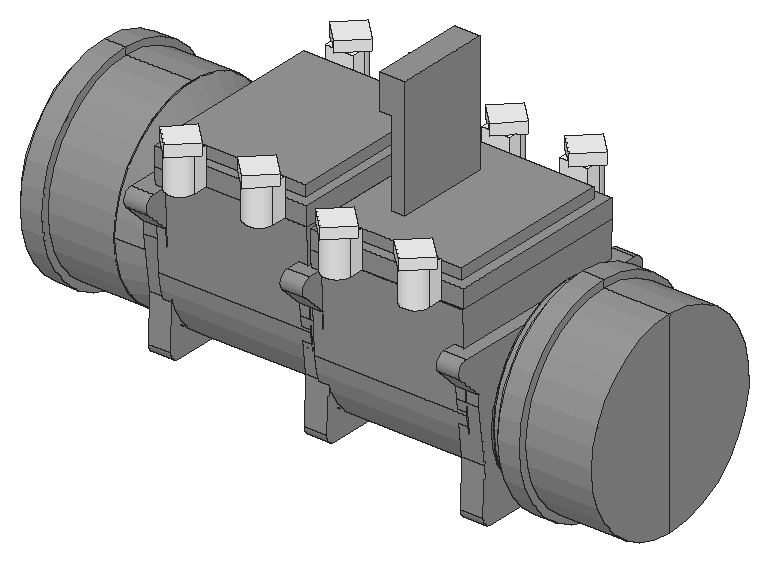
Revit family "HL_Механический канализационный затвор_HL720.2", category Příslušenství trubek, Revit 2016
Family settings
  Typ součásti = Normální
  Kóta kulaté spojky = Použít průměr
  Číslo OmniClass = 23.65.55.14.21
  Nadpis OmniClass = Non-Return Valves for Liquid Services
  Založené na pracovní rovině = Ne
  Vždy vertikální = Ano
  Ořezat dutým tvarem při načtení = Ne
  Sdílené = Ne
Parameters
  РАЗМЕР = "DN200"
  ПРОПУСКНАЯ СПОСОБНОСТЬ [instance] = 0.0 m³/h
  ПРАВОВАЯ ИНФОРМАЦИЯ = "\"Copyright (©), design rights or any other intellectual property rights, shall be the exclusive property of HL Hutterer & Lechner GmbH. Modification is not allowed. Family has been watermarked.\""
  ПАДЕНИЕ ДАВЛЕНИЯ [instance] = 0.0 Pa
  НОМИНАЛЬНЫЙ ДИАМЕТР 2 = 200 mm
  НОМИНАЛЬНЫЙ ДИАМЕТР = 200 mm
  МАТЕРИАЛ = "ABS"
  ВЫСОТА МОНТАЖА = "350 mm"
  ВЕС = "6,17 kg"
  Výrobce = "HL Hutterer & Lechner GmbH"
  URL = "http://www.hutterer-lechner.com/en/products/catalog/roof-drains/HL720.2.aspx"
  Description = "Anti flood valves"
  Model = "HL720.2"
  Type Comments = "anti-flood valve DN200 with 2 stainless steel flap and manual blocking"
  Keynote = "HL720.2"
  EAN = "9003076972029"
  Cena = 0
Types (2, lengths in mm): name | ПРАВОВАЯ ИНФОРМАЦИЯ | URL | Description | Type Comments
  (no name) | "\"Copyright (©), design rights or any other intellectual property rights, shall be the exclusive property of HL Hutterer & Lechner GmbH. Modification is not allowed. Family has been watermarked.\"" | "http://www.hutterer-lechner.com/en/products/catalog/roof-drains/HL720.2.aspx" | "Anti flood valves" | "anti-flood valve DN200 with 2 stainless steel flap and manual blocking"
  HL_Механический канализационный затвор_HL720.2 | "\"Авторские права(©), права на дизайн или какие либо другие права интелектуальной собственности являются исключительной собственностью компании HL Hutterer & Lechner. Изменению не подлежит. Файл семейства с данными о прозводителе изделия защищен паролем с водяным знаком.\"" | "http://www.hutterer-lechner.com/ru/products/catalog/roof-drains/HL720.2.aspx" | "Механический канализационный затвор" | "Канализационный затвор DN200 с двумя заслонками из нержавеющей стали, ручным затвором."
Reference planes
  plane 1 "Střed (vpředu/vzadu)": y = 0
  plane 2: z = 0
  plane 3 "Střed (vlevo/vpravo)": x = 0
Forms (mm)
  Extrusion 1, solid, material "Plastic - Orange", detail levels fine
    sketch origin (294, 0, 90.92) x (1, 0, 0) y (0, 1, 0)
      loop
        line (70, -88.309) -> (70, 88.309) -> (-73, 88.309) -> (-73, -88.309) -> (70, -88.309)
    from -12 to 0
  Extrusion 2, solid, material "Plastic - Orange", detail levels fine
    sketch origin (294, 0, 78.92) x (0, 1, 0) y (1, 0, 0)
      loop
        line (99.13, -83) -> (99.13, 80) -> (-98.87, 80) -> (-98.87, -83) -> (99.13, -83)
    from 0 to 20
  Sweep 3, solid, material "Plastic - Orange", detail levels fine
    path origin (294, 0, 90.92) x (1, 0, 0) y (0, 0, 1)
      loop
        line (80, -32) -> (-83, -32)
    profile origin (292.5, 0, 58.92) x (0, 0, -1) y (0, -1, 0)
      loop
        line (0, -99.13) -> (104.005, -94.138)
        arc (104.005, -94.138) -> (166.421, -64.809) -> (189.998, 0) r 90.409
        arc (189.998, 0) -> (166.421, 64.809) -> (104.005, 94.138) r 90.409
        line (104.005, 94.138) -> (0, 99.13) -> (0, 0) -> (0, -99.13)
  Extrusion 4, solid, material "Plactic - White", detail levels fine
    sketch origin (294, 0, 90.92) x (1, 0, 0) y (0, 1, 0)
      loop
        line (40.5, -136.497) -> (63.127, -113.87) -> (40.5, -91.242) -> (17.873, -113.87) -> (40.5, -136.497)
    from 7.235 to 19.235
  Extrusion 5, solid, material "Plactic - White", detail levels fine
    sketch origin (294, 0, 98.155) x (0, 1, 0) y (1, 0, 0)
      loop
        arc (-113.87, 55.5) -> (-128.87, 40.5) -> (-113.87, 25.5) r 15
        line (-113.87, 25.5) -> (-98.52, 25.5) -> (-98.52, 55.5) -> (-113.87, 55.5)
    from 0 to 39.235
  Extrusion 6, solid, material "Plactic - White", detail levels fine
    sketch origin (210, 0, 90.92) x (1, 0, 0) y (0, 1, 0)
      loop
        line (40.5, -136.497) -> (63.127, -113.87) -> (40.5, -91.242) -> (17.873, -113.87) -> (40.5, -136.497)
    from 7.235 to 19.235
  Extrusion 7, solid, material "Plactic - White", detail levels fine
    sketch origin (210, 0, 98.155) x (0, 1, 0) y (1, 0, 0)
      loop
        arc (-113.87, 55.5) -> (-128.87, 40.5) -> (-113.87, 25.5) r 15
        line (-113.87, 25.5) -> (-98.52, 25.5) -> (-98.52, 55.5) -> (-113.87, 55.5)
    from 0 to 39.235
  Extrusion 8, solid, material "Plactic - White", detail levels fine
    sketch origin (294, 0, 90.92) x (1, 0, 0) y (0, 1, 0)
      loop
        line (40.5, 136.497) -> (17.873, 113.87) -> (40.5, 91.242) -> (63.127, 113.87) -> (40.5, 136.497)
    from 7.235 to 19.235
  Extrusion 9, solid, material "Plactic - White", detail levels fine
    sketch origin (294, 0, 98.155) x (0, -1, 0) y (1, 0, 0)
      loop
        arc (-113.87, 55.5) -> (-128.87, 40.5) -> (-113.87, 25.5) r 15
        line (-113.87, 25.5) -> (-98.52, 25.5) -> (-98.52, 55.5) -> (-113.87, 55.5)
    from 0 to 39.235
  Extrusion 10, solid, material "Plactic - White", detail levels fine
    sketch origin (210, 0, 90.92) x (1, 0, 0) y (0, 1, 0)
      loop
        line (40.5, 136.497) -> (17.873, 113.87) -> (40.5, 91.242) -> (63.127, 113.87) -> (40.5, 136.497)
    from 7.235 to 19.235
  Extrusion 11, solid, material "Plactic - White", detail levels fine
    sketch origin (210, 0, 98.155) x (0, -1, 0) y (1, 0, 0)
      loop
        arc (-113.87, 55.5) -> (-128.87, 40.5) -> (-113.87, 25.5) r 15
        line (-113.87, 25.5) -> (-98.52, 25.5) -> (-98.52, 55.5) -> (-113.87, 55.5)
    from 0 to 39.235
  Extrusion 12, solid, material "Plastic - Orange", detail levels fine
    sketch origin (294, 0, 90.92) x (0, 1, 0) y (0, 0, 1)
      loop
        arc (-112.5, -69.599) -> (-121.739, -75.772) -> (-119.571, -86.67) r 10
        line (-119.571, -86.67) -> (-96.14, -110.101) -> (-95.533, -122.745) -> (-88.249, -181.291) -> (-90.006, -231.593)
        arc (-90.006, -231.593) -> (-87.075, -238.668) -> (-80, -241.599) r 10.006
        line (-80, -241.599) -> (0, -241.599) -> (80, -241.599)
        arc (80, -241.599) -> (87.075, -238.668) -> (90.006, -231.593) r 10.006
        line (90.006, -231.593) -> (88.249, -181.291) -> (95.533, -122.745) -> (96.14, -110.101) -> (119.571, -86.67)
        arc (119.571, -86.67) -> (121.739, -75.772) -> (112.5, -69.599) r 10
        line (112.5, -69.599) -> (0, -69.599) -> (-112.5, -69.599)
    from 70 to 94
  Blend 13, solid, material "Plastic - Orange", detail levels fine
    base sketch origin (294, 0, 67.88) x (0, 1, 0) y (0, 0, -1)
      loop
        circle (0, 111.5) r 100
    top sketch origin (294, 0, 67.88) x (0, 1, 0) y (0, 0, -1)
      loop
        circle (0, 129) r 80
    from -112.862 to -94
  Extrusion 14, solid, material "Plastic - Orange", not visible, detail levels fine
    sketch origin (406.862, 0, 52.592) x (0, -1, 0) y (0, 0, -1)
      loop
        circle (0, 96.212) r 100
    from 0 to 109.138
  Extrusion 15, solid, material "Plastic - Red", detail levels fine
    sketch origin (294, 0.5, 90.92) x (1, 0, 0) y (0, 0, 1)
      loop
        line (-22.5, 128.65) -> (-49, 128.65) -> (-49, 91.15) -> (-36.5, 91.15) -> (-36.5, 0) -> (-22.5, 0) -> (-22.5, 128.65)
    from -50 to 50
  Extrusion 16, solid, material "Plastic - Orange", detail levels fine
    sketch origin (127, 0, 111.5) x (1, 0, 0) y (0, 1, 0)
      loop
        line (70, -88.309) -> (70, 88.309) -> (-73, 88.309) -> (-73, -88.309) -> (70, -88.309)
    from -12 to 0
  Extrusion 17, solid, material "Plastic - Orange", detail levels fine
    sketch origin (127, 0, 99.5) x (0, 1, 0) y (1, 0, 0)
      loop
        line (99.13, -83) -> (99.13, 80) -> (-98.87, 80) -> (-98.87, -83) -> (99.13, -83)
    from 0 to 20
  Sweep 18, solid, material "Plastic - Orange", detail levels fine
    path origin (127, 0, 111.5) x (1, 0, 0) y (0, 0, 1)
      loop
        line (80, -32) -> (-83, -32)
    profile origin (125.5, 0, 79.5) x (0, 0, -1) y (0, -1, 0)
      loop
        line (0, -99.13) -> (104.005, -94.138)
        arc (104.005, -94.138) -> (166.421, -64.809) -> (189.998, 0) r 90.409
        arc (189.998, 0) -> (166.421, 64.809) -> (104.005, 94.138) r 90.409
        line (104.005, 94.138) -> (0, 99.13) -> (0, 0) -> (0, -99.13)
  Extrusion 19, solid, material "Plastic - Orange", detail levels fine
    sketch origin (127, 0, 111.5) x (0, 1, 0) y (0, 0, 1)
      loop
        arc (-112.5, -69.599) -> (-121.739, -75.772) -> (-119.571, -86.67) r 10
        line (-119.571, -86.67) -> (-96.14, -110.101) -> (-95.533, -122.745) -> (-88.249, -181.291) -> (-90.006, -231.593)
        arc (-90.006, -231.593) -> (-87.075, -238.668) -> (-80, -241.599) r 10.006
        line (-80, -241.599) -> (0, -241.599) -> (80, -241.599)
        arc (80, -241.599) -> (87.075, -238.668) -> (90.006, -231.593) r 10.006
        line (90.006, -231.593) -> (88.249, -181.291) -> (95.533, -122.745) -> (96.14, -110.101) -> (119.571, -86.67)
        arc (119.571, -86.67) -> (121.739, -75.772) -> (112.5, -69.599) r 10
        line (112.5, -69.599) -> (0, -69.599) -> (-112.5, -69.599)
    from 70 to 94
  Extrusion 20, solid, material "Plastic - Orange", detail levels fine
    sketch origin (127, 0, 132.099) x (0, 1, 0) y (0, 0, 1)
      loop
        arc (-112.5, -69.599) -> (-121.739, -75.772) -> (-119.571, -86.67) r 10
        line (-119.571, -86.67) -> (-96.14, -110.101) -> (-95.533, -122.745) -> (-88.249, -181.291) -> (-90.006, -231.593)
        arc (-90.006, -231.593) -> (-87.075, -238.668) -> (-80, -241.599) r 10.006
        line (-80, -241.599) -> (0, -241.599) -> (80, -241.599)
        arc (80, -241.599) -> (87.075, -238.668) -> (90.006, -231.593) r 10.006
        line (90.006, -231.593) -> (88.249, -181.291) -> (95.533, -122.745) -> (96.14, -110.101) -> (119.571, -86.67)
        arc (119.571, -86.67) -> (121.739, -75.772) -> (112.5, -69.599) r 10
        line (112.5, -69.599) -> (0, -69.599) -> (-112.5, -69.599)
    from -97 to -73
  Revolve 21, solid, material "Plastic - Orange", detail levels fine
    sketch origin (127, 0, 111.5) x (1, 0, 0) y (0, 0, 1)
      loop
        line (-222, -111.5) -> (-122, -111.5) -> (-122, -6.5) -> (-193, -6.5) -> (-193, 0.981) -> (-215.833, 0.981) -> (-215.833, -6.5) -> (-222, -6.5) -> (-222, -111.5)
      axis (-122, -111.5) -> (-222, -111.5)
    angle from 0 to 360
  Blend 22, solid, material "Plastic - Orange", detail levels fine
    base sketch origin (127, 0, 111.5) x (0, 1, 0) y (0, 0, 1)
      loop
        circle (0, -111.5) r 105
    top sketch origin (127, 0, 111.5) x (0, 1, 0) y (0, 0, 1)
      loop
        circle (0, -129) r 80
    from -122 to -97
  Extrusion 23, solid, material "Plactic - White", detail levels fine
    sketch origin (127, 0, 111.519) x (1, 0, 0) y (0, 1, 0)
      loop
        line (40.5, -136.497) -> (63.127, -113.87) -> (40.5, -91.242) -> (17.873, -113.87) -> (40.5, -136.497)
    from 7.235 to 19.235
  Extrusion 24, solid, material "Plactic - White", detail levels fine
    sketch origin (127, 0, 118.754) x (0, 1, 0) y (1, 0, 0)
      loop
        arc (-113.87, 55.5) -> (-128.87, 40.5) -> (-113.87, 25.5) r 15
        line (-113.87, 25.5) -> (-98.52, 25.5) -> (-98.52, 55.5) -> (-113.87, 55.5)
    from 0 to 39.235
  Extrusion 25, solid, material "Plactic - White", detail levels fine
    sketch origin (43, 0, 111.519) x (1, 0, 0) y (0, 1, 0)
      loop
        line (40.5, -136.497) -> (63.127, -113.87) -> (40.5, -91.242) -> (17.873, -113.87) -> (40.5, -136.497)
    from 7.235 to 19.235
  Extrusion 26, solid, material "Plactic - White", detail levels fine
    sketch origin (43, 0, 118.754) x (0, 1, 0) y (1, 0, 0)
      loop
        arc (-113.87, 55.5) -> (-128.87, 40.5) -> (-113.87, 25.5) r 15
        line (-113.87, 25.5) -> (-98.52, 25.5) -> (-98.52, 55.5) -> (-113.87, 55.5)
    from 0 to 39.235
  Extrusion 27, solid, material "Plactic - White", detail levels fine
    sketch origin (127, 0, 111.519) x (1, 0, 0) y (0, 1, 0)
      loop
        line (40.5, 136.497) -> (17.873, 113.87) -> (40.5, 91.242) -> (63.127, 113.87) -> (40.5, 136.497)
    from 7.235 to 19.235
  Extrusion 28, solid, material "Plactic - White", detail levels fine
    sketch origin (127, 0, 118.754) x (0, 1, 0) y (1, 0, 0)
      loop
        line (113.87, 55.5) -> (98.52, 55.5) -> (98.52, 25.5) -> (113.87, 25.5)
        arc (113.87, 25.5) -> (128.87, 40.5) -> (113.87, 55.5) r 15
    from 0 to 39.235
  Extrusion 29, solid, material "Plactic - White", detail levels fine
    sketch origin (43, 0, 111.519) x (1, 0, 0) y (0, 1, 0)
      loop
        line (40.5, 136.497) -> (17.873, 113.87) -> (40.5, 91.242) -> (63.127, 113.87) -> (40.5, 136.497)
    from 7.235 to 19.235
  Extrusion 30, solid, material "Plactic - White", detail levels fine
    sketch origin (43, 0, 118.754) x (0, 1, 0) y (1, 0, 0)
      loop
        line (113.87, 55.5) -> (98.52, 55.5) -> (98.52, 25.5) -> (113.87, 25.5)
        arc (113.87, 25.5) -> (128.87, 40.5) -> (113.87, 55.5) r 15
    from 0 to 39.235
  Revolve 31, solid, material "Plastic - Orange", detail levels fine
    sketch origin (638, 0, 67.88) x (1, 0, 0) y (0, 0, 1)
      loop
        line (-231.138, -111.5) -> (-122, -111.5) -> (-122, -6.5) -> (-193, -6.5) -> (-193, 0.981) -> (-215.833, 0.981) -> (-215.833, -6.5) -> (-222, -6.5) -> (-222, -11.5) -> (-231.138, -11.5) -> (-231.138, -111.5)
      axis (-122, -111.5) -> (-231.138, -111.5)
    angle from 0 to 360
Lines and regions (mm)
  symbolic lines, style "Symbol", detail levels coarse+medium
    curve 1: line (516, 0, 0) -> (0, 0, 0)
    curve 2: line (383, -60, 0) -> (383, 60, 0)
    curve 3: line (383, 60, 0) -> (133, 60, 0)
    curve 4: line (133, -60, 0) -> (133, 60, 0)
    curve 9: line (258, -105, 0) -> (258, 105, 0)
    curve 10: line (383, -60, 0) -> (133, -60, 0)
  model lines, style "Symbol", detail levels coarse+medium
    curve 5: line (0, 0, 0) -> (516, 0, -34.981)
    curve 6: line (133, 0, -77.49) -> (133, 0, 42.51)
    curve 7: line (133, 0, 42.51) -> (383, 0, 42.51)
    curve 8: line (383, 0, -77.49) -> (383, 0, 42.51)
    curve 13: line (133, 0, -77.49) -> (383, 0, -77.49)
  model lines, detail levels coarse+medium
    curve 11: line (258, 0, -17.49) -> (258, 0, 87.51)
    curve 12: line (258, 0, -122.49) -> (258, 0, -17.49)
Dimensions and locks
  aligned and locked: level to plane 2
Connectors
  piping at (0, 0, 0), diameter 200, driven by "ПАДЕНИЕ ДАВЛЕНИЯ", driven by "НОМИНАЛЬНЫЙ ДИАМЕТР", driven by "ПРОПУСКНАЯ СПОСОБНОСТЬ"
    settings: on plane 3 "Střed (vlevo/vpravo)", index 1, connector inside diameter 609.6 mm, connector length 0 mm, flow factor 0, pipe flow 0.0 m³/h, pressure drop 0.0 Pa, fitting loss kfactor 0, connector angle 0.00°, fixture units 0, engagement length 0 mm, angle of deflection 0.00°, flow configuration 0, flow direction 0, fitting loss method 4, system type 16, joint type 0, gender type 0, connector reference index -1, connector utility 0, adjustable connector no, is connector primary yes, connector description ""
  piping at (516, 0, -43.62), diameter 200, driven by "НОМИНАЛЬНЫЙ ДИАМЕТР 2", driven by "ПРОПУСКНАЯ СПОСОБНОСТЬ"
    settings: on Extrusion 14, index 2, connector inside diameter 609.6 mm, connector length 0 mm, flow factor 0, pipe flow 0.0 m³/h, pressure drop 0.0 Pa, fitting loss kfactor 0, connector angle 0.00°, fixture units 0, engagement length 0 mm, angle of deflection 0.00°, flow configuration 1, flow direction 2, fitting loss method 4, system type 16, joint type 0, gender type 0, connector reference index -1, connector utility 0, adjustable connector no, is connector primary no, connector description ""
